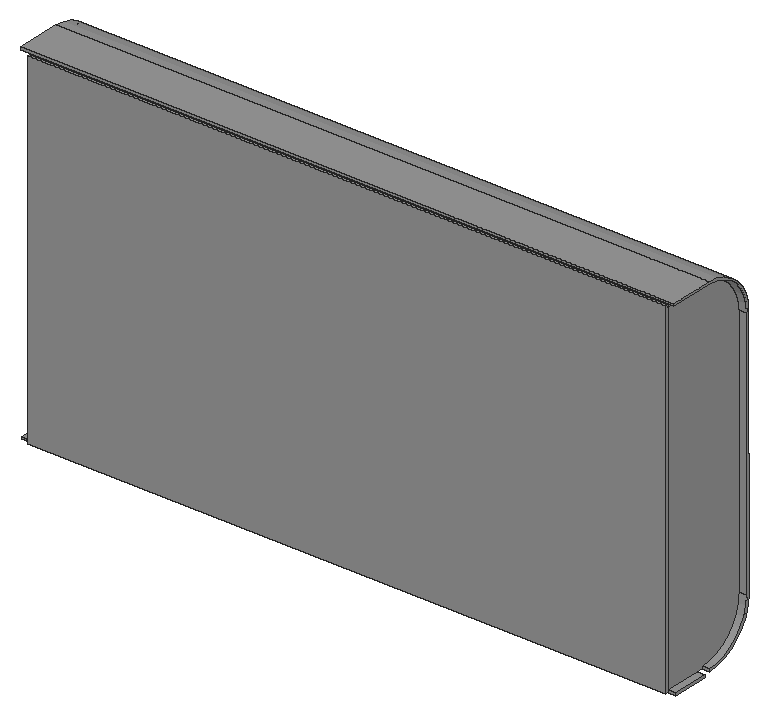
Revit family "3260 Björk_Baby change unit paper dispenser", category Furniture Systems, host Wall, Revit 2018
Family settings
  Host = Wall
  Round Connector Dimension = Use Diameter
  Part Type = Normal
  Always vertical = Yes
  Cut with Voids When Loaded = No
  Shared = No
  Room Calculation Point = No
Parameters (values of type "WHITE")
  URL = "http://www.dandryer.com/en-gb/products/product-line-%E2%80%93-bjork"
  Surface Front = RAL FARVE
  Surface Back = RAL FARVE
  Model = "Baby change unit paper dispenser"
  Manufacturer = "Dan Dryer A/S"
  Description = "Baby change unit paper dispenser"
Reference planes
  plane 1 "Wall": y = 0
  plane 2 "Center (Left/Right)": x = 125
  plane 3 "Back": y = 75
Text (mm)
  text "Placement Side" at (-1848.837, 1116.779, 0), in view "Ref. Level"
  text "Placement side" at (0, 1409.804, 2854.306), in view "Left"
  text "Placement side" at (0, 499.811, 2980.732), in view "Right"
Dimensions and locks
  locked: plane 3 "Back" to host wall
  nested 1 to level = 1198.5 mm
  aligned and locked: plane 1 "Wall" to host wall
  aligned and locked: nested 1 to plane 3 "Back"
Nested families
  nested 1: "Master 3250 Baby change unit paper dispenser" at (125, 75, 1200) x (-1, 0, 0) z (0, 0, 1), type "Master 3250 Baby change unit paper dispenser"
Definition of nested family "Master 3250 Baby change unit paper dispenser"
  Parameters (values of type "Master 3250 Baby change unit paper dispenser")
    Surface Front = none
    Surface Back = none
    Model = "Björk Baby change unit dispenser - 3250"
    Manufacturer = "Dan Dryer"
    Description = "Baby change unit dispenser"
    Cost = 0
  Reference planes
    plane 1 "Center (Front/Back)": y = 0
    plane 2: z = 0
    plane 3 "Center (Left/Right)": x = 0
  Dimensions and locks
    aligned and locked: level to plane 2
    aligned and locked: level to nested 2
    aligned and locked: level to nested 1
    aligned and locked: plane 3 "Center (Left/Right)" to nested 2
    aligned and locked: nested 2 to nested 1
    aligned and locked: plane 1 "Center (Front/Back)" to nested 1
    aligned and locked: nested 2 to plane 1 "Center (Front/Back)"
  Nested families
    nested 1: "Bagplade Komponent" at (0, 0, -1.5), type "Bagplade Komponent"
    nested 2: "Forplade Komponent lukket" at (0, -13.483, 0), type "Forplade Komponent lukket"
  Definition of nested family "Bagplade Komponent"
    Parameters (values of type "Bagplade Komponent")
      Surface Back = none
      Materiale = none
    Reference planes
      plane 1 "Center (Front/Back)": y = 0
      plane 2: z = 0
      plane 3 "Center (Left/Right)": x = 0
    Forms (mm)
      Extrusion 1, solid, material <- "Surface Back"
        sketch origin (0, 0, 79) x (1, 0, 0) y (0, 0, 1)
          loop
            line (-200, -79) -> (200, -79) -> (200, 139) -> (-200, 139) -> (-200, -79)
        from 0 to 1.5
      Extrusion 2, solid, material <- "Surface Back"
        sketch origin (-200, 0, 188) x (0, 0, -1) y (0, -1, 0)
          loop
            line (186.5, 1.5) -> (186.5, 28)
            arc (186.5, 28) -> (178.006, 48.506) -> (157.5, 57) r 29
            line (157.5, 57) -> (-1, 57)
            arc (-1, 57) -> (-21.506, 48.506) -> (-30, 28) r 29
            line (-30, 28) -> (-30, 13.5) -> (-28.5, 13.5) -> (-28.5, 1.5) -> (186.5, 1.5)
        from 0 to -1.5
      Extrusion 3, solid, material <- "Surface Back"
        sketch origin (198.5, 0, 188) x (0, 0, -1) y (0, -1, 0)
          loop
            line (186.5, 1.5) -> (186.5, 28)
            arc (186.5, 28) -> (178.006, 48.506) -> (157.5, 57) r 29
            line (157.5, 57) -> (-1, 57)
            arc (-1, 57) -> (-21.506, 48.506) -> (-30, 28) r 29
            line (-30, 28) -> (-30, 13.5) -> (-28.5, 13.5) -> (-28.5, 1.5) -> (186.5, 1.5)
        from 0 to -1.5
      Extrusion 4, solid, material <- "Surface Back"
        sketch origin (200, 0, 218) x (-1, 0, 0) y (0, -1, 0)
          loop
            line (400, 1.5) -> (400, 13.5) -> (0, 13.5) -> (0, 1.5) -> (400, 1.5)
        from 0 to -1.5
      Extrusion 5, solid, material <- "Surface Back"
        sketch origin (-200, 0, 0) x (0, -1, 0) y (-1, 0, 0)
          loop
            line (1.5, 5) -> (1.5, -32) -> (24.5, -32) -> (24.5, 5) -> (1.5, 5)
        from 0 to -1.5
      Extrusion 6, solid, material <- "Surface Back"
        sketch origin (200, 0, 0) x (0, 1, 0) y (1, 0, 0)
          loop
            line (-1.5, 5) -> (-24.5, 5) -> (-24.5, -32) -> (-1.5, -32) -> (-1.5, 5)
        from 0 to -1.5
      Extrusion 7, solid, material <- "Surface Back"
        sketch origin (-200, 0, 0) x (0, -1, 0) y (-1, 0, 0)
          loop
            line (1.5, -61) -> (1.5, -339) -> (8.5, -339) -> (8.5, -61) -> (1.5, -61)
        from 0 to -1.5
    Dimensions and locks
      aligned and locked: level to plane 2
  Definition of nested family "Forplade Komponent lukket"
    Parameters (values of type "Forplade Komponent lukket")
      Surface Front = none
    Reference planes
      plane 1 "Center (Front/Back)": y = 0
      plane 2: z = 0
      plane 3 "Center (Left/Right)": x = 0
    Forms (mm)
      Extrusion 1, solid, material <- "Surface Front"
        sketch origin (0, 0, 79.75) x (0, 1, 0) y (0, 0, 1)
          loop
            arc (-14.5, -78.25) -> (-35.006, -69.756) -> (-43.5, -49.25) r 29
            line (-43.5, -49.25) -> (-43.5, 109.25)
            arc (-43.5, 109.25) -> (-35.006, 129.756) -> (-14.5, 138.25) r 29
            line (-14.5, 138.25) -> (13.483, 138.25) -> (13.483, 139.75) -> (-14.5, 139.75)
            arc (-14.5, 139.75) -> (-36.067, 130.817) -> (-45, 109.25) r 30.5
            line (-45, 109.25) -> (-45, -49.25)
            arc (-45, -49.25) -> (-36.067, -70.817) -> (-14.5, -79.75) r 30.5
            line (-14.5, -79.75) -> (-14.5, -78.25)
        from -205 to 205
      Extrusion 2, void
        sketch origin (0, 0, 79.75) x (1, 0, 0) y (0, 0, 1)
          loop
            line (-165, -8.116) -> (164.987, -8.116)
            arc (164.987, -8.116) -> (174.987, 1.884) -> (164.987, 11.884) r 10
            line (164.987, 11.884) -> (-165, 11.884)
            arc (-165, 11.884) -> (-175, 1.884) -> (-165, -8.116) r 10
        from 31.755 to 69.02
      Extrusion 3, solid
        sketch origin (0, -45, -42) x (0, 0, 1) y (-1, 0, 0)
          loop
            circle (214.218, 0) r 15
        from 0 to 20
    Cuts and joins
      Extrusion 2 cuts Extrusion 1
    Lines and regions (mm)
      model lines
        curve 1: line (0, -11, -58.5) -> (0, -11, -60)
    Dimensions and locks
      aligned and locked: level to plane 2
